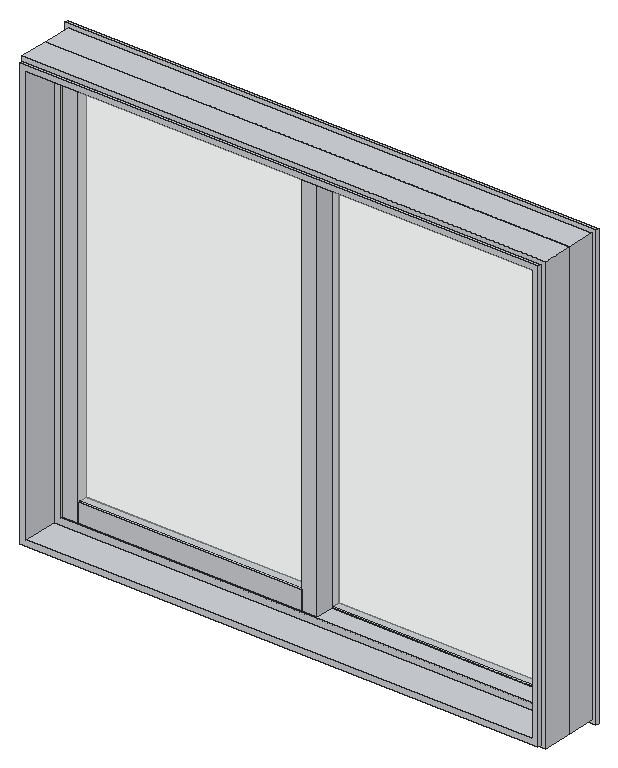
Revit family "APL Residential Thermal Heart Sliding Window SF", category Windows, host Wall, Revit 2017 (continued)
Definition of nested family "APL Residential Thermal Heart Sliding Window SF Vertical Section"
  Definition of nested family "Two Panel Head"
    Definition of nested family "65460_Door Top And Window Rail"
      Lines and regions (mm)
        detail lines, in view "Ref. Level"
          curve 218: arc (4.702, 26.696, 0) -> (4.676, 26.794, 0) -> (4.606, 26.867, 0) r 0.2
          curve 219: arc (2.725, 28.015, 0) -> (2.629, 28.186, 0) -> (2.725, 28.357, 0) r 0.2
          curve 220: arc (4.606, 29.505, 0) -> (4.676, 29.578, 0) -> (4.702, 29.676, 0) r 0.2
          curve 221: arc (4.702, 31.7, 0) -> (4.575, 31.918, 0) -> (4.322, 31.914, 0) r 0.25
          curve 222: arc (4.236, 31.861, 0) -> (4.13, 31.729, 0) -> (4.133, 31.559, 0) r 0.25
          curve 223: arc (2.879, 30.794, 0) -> (2.804, 30.761, 0) -> (2.723, 30.75, 0) r 0.3
          curve 224: arc (2.202, 30.75, 0) -> (2.044, 30.828, 0) -> (2.008, 31, 0) r 0.2
          curve 225: arc (2.202, 35.003, 0) -> (2.176, 35.125, 0) -> (2.102, 35.227, 0) r 0.3
          curve 226: arc (2.102, 35.227, 0) -> (2.022, 35.557, 0) -> (2.302, 35.75, 0) r 0.3
          curve 227: arc (4.523, 35.207, 0) -> (4.612, 35.155, 0) -> (4.664, 35.066, 0) r 0.2
          curve 228: arc (4.709, 34.898, 0) -> (4.85, 34.757, 0) -> (5.043, 34.809, 0) r 0.2
          curve 229: arc (5.407, 35.173, 0) -> (5.467, 35.258, 0) -> (5.494, 35.359, 0) r 0.3
          curve 230: arc (5.701, 37.724, 0) -> (5.585, 37.988, 0) -> (5.299, 38.032, 0) r 0.3
          curve 231: arc (3.889, 37.519, 0) -> (3.763, 37.431, 0) -> (3.697, 37.293, 0) r 0.3
          curve 232: arc (3.697, 37.293, 0) -> (3.424, 37.051, 0) -> (3.119, 37.25, 0) r 0.3
          curve 233: arc (2.3, 37.25, 0) -> (1.946, 37.397, 0) -> (1.8, 37.75, 0) r 0.5
          curve 234: arc (1.8, 41.053, 0) -> (1.86, 41.193, 0) -> (2, 41.25, 0) r 0.2
          curve 235: arc (3, 41.25, 0) -> (3.141, 41.309, 0) -> (3.2, 41.45, 0) r 0.2
          curve 236: arc (3.2, 42.55, 0) -> (3.141, 42.692, 0) -> (3, 42.75, 0) r 0.2
          curve 237: arc (2, 42.75, 0) -> (1.86, 42.808, 0) -> (1.8, 42.947, 0) r 0.2
          curve 238: arc (1.8, 56.053, 0) -> (1.86, 56.193, 0) -> (2, 56.25, 0) r 0.2
          curve 239: arc (3, 56.25, 0) -> (3.141, 56.309, 0) -> (3.2, 56.45, 0) r 0.2
          curve 240: arc (3.2, 57.55, 0) -> (3.141, 57.692, 0) -> (3, 57.75, 0) r 0.2
          curve 241: arc (2, 57.75, 0) -> (1.86, 57.808, 0) -> (1.8, 57.947, 0) r 0.2
          curve 242: arc (1.8, 71.8, 0) -> (1.741, 71.942, 0) -> (1.6, 72, 0) r 0.2
          curve 243: arc (0.5, 72, 0) -> (0.146, 71.854, 0) -> (0, 71.5, 0) r 0.5
          curve 244: arc (0, 0.2, 0) -> (0.059, 0.058, 0) -> (0.2, 0, 0) r 0.2
          curve 245: arc (3.002, 0, 0) -> (3.143, 0.058, 0) -> (3.202, 0.2, 0) r 0.2
          curve 246: arc (3.202, 1.63, 0) -> (3.143, 1.771, 0) -> (3.002, 1.83, 0) r 0.2
          curve 247: arc (2.402, 1.83, 0) -> (2.261, 1.771, 0) -> (2.202, 1.63, 0) r 0.2
          curve 248: arc (2.202, 1.28, 0) -> (2.143, 1.138, 0) -> (2.002, 1.08, 0) r 0.2
          curve 249: arc (1.402, 1.08, 0) -> (1.261, 1.138, 0) -> (1.202, 1.28, 0) r 0.2
          curve 250: arc (1.202, 4.38, 0) -> (1.261, 4.521, 0) -> (1.402, 4.58, 0) r 0.2
          curve 251: arc (2.002, 4.58, 0) -> (2.143, 4.521, 0) -> (2.202, 4.38, 0) r 0.2
          curve 252: arc (2.202, 4.03, 0) -> (2.261, 3.888, 0) -> (2.402, 3.83, 0) r 0.2
          curve 253: arc (3.002, 3.83, 0) -> (3.143, 3.888, 0) -> (3.202, 4.03, 0) r 0.2
          curve 254: line (3.002, 7.33, 0) -> (2.402, 7.33, 0)
          curve 255: line (2.202, 7.13, 0) -> (2.202, 6.53, 0)
          curve 256: line (2.002, 6.33, 0) -> (1.6, 6.33, 0)
          curve 257: line (1.4, 6.53, 0) -> (1.4, 14, 0)
          curve 258: line (1.4, 14, 0) -> (1.644, 18.06, 0)
          curve 259: line (2.642, 19, 0) -> (3.119, 19, 0)
          curve 260: line (3.889, 18.731, 0) -> (5.299, 18.218, 0)
          curve 261: line (5.701, 18.526, 0) -> (5.494, 20.891, 0)
          curve 262: line (5.407, 21.077, 0) -> (5.043, 21.441, 0)
          curve 263: line (4.709, 21.352, 0) -> (4.664, 21.184, 0)
          curve 264: line (4.523, 21.043, 0) -> (2.534, 20.51, 0)
          curve 265: line (2.202, 21.247, 0) -> (2.202, 24.474, 0)
          curve 266: line (2.196, 24.524, 0) -> (2.008, 25.25, 0)
          curve 267: line (2.202, 25.5, 0) -> (2.722, 25.5, 0)
          curve 268: line (2.879, 25.456, 0) -> (4.133, 24.691, 0)
          curve 269: line (4.702, 24.55, 0) -> (4.702, 26.696, 0)
          curve 270: line (4.606, 26.867, 0) -> (2.725, 28.015, 0)
          curve 271: line (2.725, 28.357, 0) -> (4.606, 29.505, 0)
          curve 272: line (4.702, 29.676, 0) -> (4.702, 31.7, 0)
          curve 273: line (4.133, 31.559, 0) -> (2.879, 30.794, 0)
          curve 274: line (2.723, 30.75, 0) -> (2.202, 30.75, 0)
          curve 275: line (2.008, 31, 0) -> (2.196, 31.726, 0)
          curve 276: line (2.202, 31.776, 0) -> (2.202, 35.003, 0)
          curve 277: line (2.534, 35.74, 0) -> (4.523, 35.207, 0)
          curve 278: line (4.664, 35.066, 0) -> (4.709, 34.898, 0)
          curve 279: line (5.043, 34.809, 0) -> (5.407, 35.173, 0)
          curve 280: line (5.494, 35.359, 0) -> (5.701, 37.724, 0)
          curve 281: line (5.299, 38.032, 0) -> (3.889, 37.519, 0)
          curve 282: line (3.119, 37.25, 0) -> (2.3, 37.25, 0)
          curve 283: line (1.8, 37.75, 0) -> (1.8, 41.053, 0)
          curve 284: line (2, 41.25, 0) -> (3, 41.25, 0)
          curve 285: line (3.2, 41.45, 0) -> (3.2, 42.55, 0)
          curve 286: line (3, 42.75, 0) -> (2, 42.75, 0)
          curve 287: line (1.8, 42.947, 0) -> (1.8, 56.053, 0)
          curve 288: line (2, 56.25, 0) -> (3, 56.25, 0)
          curve 289: line (3.2, 56.45, 0) -> (3.2, 57.55, 0)
          curve 290: line (3, 57.75, 0) -> (2, 57.75, 0)
          curve 291: line (1.8, 57.947, 0) -> (1.8, 71.8, 0)
          curve 292: line (1.6, 72, 0) -> (0.5, 72, 0)
          curve 293: line (0, 71.5, 0) -> (0, 0.2, 0)
          curve 294: line (0.2, 0, 0) -> (3.002, 0, 0)
          curve 295: line (3.202, 0.2, 0) -> (3.202, 1.63, 0)
          curve 296: line (3.002, 1.83, 0) -> (2.402, 1.83, 0)
          curve 297: line (2.202, 1.63, 0) -> (2.202, 1.28, 0)
          curve 298: line (2.002, 1.08, 0) -> (1.402, 1.08, 0)
          curve 299: line (1.202, 1.28, 0) -> (1.202, 4.38, 0)
          curve 300: line (1.402, 4.58, 0) -> (2.002, 4.58, 0)
          curve 301: line (2.202, 4.38, 0) -> (2.202, 4.03, 0)
          curve 302: line (2.402, 3.83, 0) -> (3.002, 3.83, 0)
          curve 303: line (3.202, 4.03, 0) -> (3.202, 7.13, 0)
          curve 304: arc (3.202, 7.13, 0) -> (3.143, 7.271, 0) -> (3.002, 7.33, 0) r 0.2
      Text (mm)
        text "65460" at (7.711, 85.3, 0), in view "Ref. Level"
    Definition of nested family "65400_Frame Head"
      Reference planes
        plane 1 "Center (Front/Back)": y = 0
        plane 2: z = 0
        plane 3 "Center (Left/Right)": x = 0
      Lines and regions (mm)
        detail lines, in view "Ref. Level"
          curve 1: arc (46.1, -24.2, 0) -> (45.602, -22.998, 0) -> (44.4, -22.5, 0) r 1.7
          curve 2: arc (29.9, -22.5, 0) -> (29.546, -22.354, 0) -> (29.4, -22, 0) r 0.5
          curve 3: arc (29.4, -8.901, 0) -> (29.546, -8.547, 0) -> (29.9, -8.4, 0) r 0.5
          curve 4: arc (36.605, -8.4, 0) -> (37.013, -8.479, 0) -> (37.363, -8.704, 0) r 1.1
          curve 5: arc (37.363, -8.704, 0) -> (38.199, -9.316, 0) -> (39.189, -9.621, 0) r 3.126
          curve 6: arc (62.286, -10.8, 0) -> (62.738, -11.119, 0) -> (63.285, -11.042, 0) r 0.75
          curve 7: arc (63.285, -11.042, 0) -> (64.2, -10.8, 0) -> (65.115, -11.042, 0) r 1.85
          curve 8: arc (65.115, -11.042, 0) -> (65.281, -11.112, 0) -> (65.459, -11.14, 0) r 0.75
          curve 9: arc (65.459, -11.14, 0) -> (65.663, -11.192, 0) -> (65.828, -11.324, 0) r 0.5
          curve 10: arc (65.828, -11.324, 0) -> (66.3, -12.65, 0) -> (65.828, -13.976, 0) r 2.1
          curve 11: arc (65.828, -13.976, 0) -> (65.663, -14.108, 0) -> (65.459, -14.16, 0) r 0.5
          curve 12: arc (65.459, -14.16, 0) -> (65.281, -14.188, 0) -> (65.115, -14.258, 0) r 0.75
          curve 13: arc (65.115, -14.258, 0) -> (63.721, -14.437, 0) -> (62.604, -13.585, 0) r 1.85
          curve 14: arc (62.604, -13.585, 0) -> (61.577, -13.317, 0) -> (61.309, -14.343, 0) r 0.75
          curve 15: arc (61.309, -14.343, 0) -> (62.349, -15.442, 0) -> (63.765, -15.972, 0) r 3.35
          curve 16: arc (63.765, -15.972, 0) -> (64.076, -16.138, 0) -> (64.2, -16.467, 0) r 0.5
          curve 17: arc (64.2, -25.517, 0) -> (64.489, -27.435, 0) -> (65.33, -29.182, 0) r 6.5
          curve 18: arc (65.33, -29.182, 0) -> (65.978, -30.526, 0) -> (66.2, -32, 0) r 5
          curve 19: arc (66.2, -41.1, 0) -> (66.054, -41.454, 0) -> (65.7, -41.6, 0) r 0.5
          curve 20: arc (47, -41.6, 0) -> (46.646, -41.454, 0) -> (46.5, -41.1, 0) r 0.5
          curve 21: arc (46.5, -36.5, 0) -> (46.396, -35.952, 0) -> (46.1, -35.48, 0) r 1.5
          curve 22: arc (24.183, -8.227, 0) -> (24.053, -8.162, 0) -> (24, -8.027, 0) r 0.2
          curve 23: arc (24.399, -5.679, 0) -> (24.668, -5.392, 0) -> (25.06, -5.387, 0) r 0.5
          curve 24: arc (25.06, -5.387, 0) -> (25.236, -5.3, 0) -> (25.42, -5.367, 0) r 0.25
          curve 25: arc (25.42, -5.367, 0) -> (25.563, -5.498, 0) -> (25.569, -5.691, 0) r 0.25
          curve 26: arc (26.823, -6.456, 0) -> (26.898, -6.489, 0) -> (26.979, -6.5, 0) r 0.3
          curve 27: arc (27.5, -6.5, 0) -> (27.658, -6.422, 0) -> (27.694, -6.25, 0) r 0.2
          curve 28: arc (27.5, -2.247, 0) -> (27.526, -2.125, 0) -> (27.6, -2.024, 0) r 0.3
          curve 29: arc (27.6, -2.024, 0) -> (27.664, -1.657, 0) -> (27.322, -1.51, 0) r 0.3
          curve 30: arc (25.179, -2.043, 0) -> (25.09, -2.095, 0) -> (25.038, -2.184, 0) r 0.2
          curve 31: arc (24.993, -2.352, 0) -> (24.852, -2.493, 0) -> (24.659, -2.441, 0) r 0.2
          curve 32: arc (24.295, -2.078, 0) -> (24.235, -1.992, 0) -> (24.208, -1.892, 0) r 0.3
          curve 33: arc (24.001, 0.474, 0) -> (24.117, 0.738, 0) -> (24.403, 0.782, 0) r 0.3
          curve 34: arc (25.813, 0.268, 0) -> (25.939, 0.181, 0) -> (26.005, 0.043, 0) r 0.3
          curve 35: arc (26.005, 0.043, 0) -> (26.278, -0.199, 0) -> (26.583, 0, 0) r 0.3
          curve 36: arc (28.9, 0, 0) -> (29.254, -0.146, 0) -> (29.4, -0.5, 0) r 0.5
          curve 37: arc (29.4, -6.1, 0) -> (29.546, -6.454, 0) -> (29.9, -6.6, 0) r 0.499
          curve 38: arc (37.767, -6.6, 0) -> (38.931, -6.835, 0) -> (39.913, -7.503, 0) r 2.996
          curve 39: arc (39.913, -7.503, 0) -> (40.232, -7.73, 0) -> (40.611, -7.831, 0) r 1.1
          curve 40: arc (68.1, -8.9, 0) -> (68.241, -8.841, 0) -> (68.3, -8.7, 0) r 0.2
          curve 41: arc (68.3, -0.5, 0) -> (68.446, -0.146, 0) -> (68.8, 0, 0) r 0.5
          curve 42: arc (71.117, 0, 0) -> (71.422, -0.199, 0) -> (71.695, 0.043, 0) r 0.3
          curve 43: arc (71.695, 0.043, 0) -> (71.761, 0.181, 0) -> (71.887, 0.268, 0) r 0.3
          curve 44: arc (73.297, 0.782, 0) -> (73.583, 0.738, 0) -> (73.699, 0.474, 0) r 0.3
          curve 45: arc (73.492, -1.892, 0) -> (73.465, -1.992, 0) -> (73.405, -2.078, 0) r 0.3
          curve 46: arc (73.041, -2.441, 0) -> (72.848, -2.493, 0) -> (72.707, -2.352, 0) r 0.2
          curve 47: arc (72.662, -2.184, 0) -> (72.61, -2.095, 0) -> (72.521, -2.043, 0) r 0.2
          curve 48: arc (70.378, -1.51, 0) -> (70.036, -1.657, 0) -> (70.1, -2.024, 0) r 0.3
          curve 49: arc (70.1, -2.024, 0) -> (70.174, -2.125, 0) -> (70.2, -2.247, 0) r 0.3
          curve 50: arc (70.006, -6.25, 0) -> (70.042, -6.422, 0) -> (70.2, -6.5, 0) r 0.2
          curve 51: arc (70.721, -6.5, 0) -> (70.802, -6.489, 0) -> (70.877, -6.456, 0) r 0.3
          curve 52: arc (72.131, -5.691, 0) -> (72.137, -5.498, 0) -> (72.28, -5.367, 0) r 0.25
          curve 53: arc (72.28, -5.367, 0) -> (72.55, -5.321, 0) -> (72.7, -5.55, 0) r 0.25
          curve 54: arc (72.7, -7.124, 0) -> (72.618, -7.522, 0) -> (72.385, -7.854, 0) r 1
          curve 55: arc (72.385, -7.854, 0) -> (72.322, -8, 0) -> (72.385, -8.146, 0) r 0.2
          curve 56: arc (72.385, -8.146, 0) -> (72.618, -8.477, 0) -> (72.7, -8.874, 0) r 1
          curve 57: arc (72.7, -10.449, 0) -> (72.573, -10.668, 0) -> (72.32, -10.663, 0) r 0.25
          curve 58: arc (72.234, -10.611, 0) -> (72.128, -10.479, 0) -> (72.131, -10.309, 0) r 0.25
          curve 59: arc (70.877, -9.544, 0) -> (70.802, -9.511, 0) -> (70.721, -9.5, 0) r 0.3
          curve 60: arc (70.2, -9.5, 0) -> (70.042, -9.578, 0) -> (70.006, -9.75, 0) r 0.2
          curve 61: arc (70.2, -13.753, 0) -> (70.174, -13.876, 0) -> (70.1, -13.976, 0) r 0.3
          curve 62: arc (70.1, -13.976, 0) -> (70.02, -14.307, 0) -> (70.3, -14.5, 0) r 0.3
          curve 63: arc (72.521, -13.957, 0) -> (72.61, -13.905, 0) -> (72.662, -13.816, 0) r 0.2
          curve 64: arc (72.707, -13.648, 0) -> (72.848, -13.507, 0) -> (73.041, -13.559, 0) r 0.2
          curve 65: arc (73.405, -13.922, 0) -> (73.465, -14.008, 0) -> (73.492, -14.108, 0) r 0.3
          curve 66: arc (73.699, -16.474, 0) -> (73.583, -16.738, 0) -> (73.297, -16.782, 0) r 0.3
          curve 67: arc (71.887, -16.268, 0) -> (71.761, -16.181, 0) -> (71.695, -16.043, 0) r 0.3
          curve 68: arc (71.695, -16.043, 0) -> (71.422, -15.801, 0) -> (71.117, -16, 0) r 0.3
          curve 69: arc (66.201, -16, 0) -> (65.847, -16.146, 0) -> (65.7, -16.5, 0) r 0.5
          curve 70: arc (65.7, -25.519, 0) -> (65.922, -26.994, 0) -> (66.57, -28.337, 0) r 5
          curve 71: arc (66.57, -28.337, 0) -> (67.411, -30.083, 0) -> (67.7, -32, 0) r 6.5
          curve 72: arc (67.7, -33.1, 0) -> (67.759, -33.241, 0) -> (67.9, -33.3, 0) r 0.2
          curve 73: arc (69.3, -33.3, 0) -> (69.441, -33.241, 0) -> (69.5, -33.1, 0) r 0.2
          curve 74: arc (69.5, -32.8, 0) -> (70, -32.299, 0) -> (70.5, -32.8, 0) r 0.5
          curve 75: arc (70.5, -35.351, 0) -> (69.999, -35.85, 0) -> (69.5, -35.35, 0) r 0.5
          curve 76: arc (69.5, -34.5, 0) -> (69.441, -34.359, 0) -> (69.3, -34.3, 0) r 0.2
          curve 77: arc (67.9, -34.3, 0) -> (67.759, -34.359, 0) -> (67.7, -34.5, 0) r 0.2
          curve 78: arc (67.7, -41.8, 0) -> (67.759, -41.941, 0) -> (67.9, -42, 0) r 0.2
          curve 79: arc (69.3, -42, 0) -> (69.441, -41.941, 0) -> (69.5, -41.8, 0) r 0.2
          curve 80: arc (69.5, -40.95, 0) -> (70, -40.449, 0) -> (70.5, -40.95, 0) r 0.5
          curve 81: arc (70.5, -42.499, 0) -> (70.354, -42.853, 0) -> (70, -43, 0) r 0.5
          curve 82: arc (42.7, -43, 0) -> (42.559, -42.941, 0) -> (42.5, -42.8, 0) r 0.2
          curve 83: arc (42.5, -41.25, 0) -> (43, -40.749, 0) -> (43.5, -41.25, 0) r 0.5
          curve 84: arc (43.5, -41.8, 0) -> (43.559, -41.941, 0) -> (43.7, -42, 0) r 0.2
          curve 85: arc (44.8, -42, 0) -> (44.941, -41.941, 0) -> (45, -41.8, 0) r 0.2
          curve 86: arc (45, -36.7, 0) -> (44.941, -36.559, 0) -> (44.8, -36.5, 0) r 0.2
          curve 87: arc (43.7, -36.5, 0) -> (43.559, -36.559, 0) -> (43.5, -36.7, 0) r 0.2
          curve 88: arc (43.5, -37.25, 0) -> (43, -37.749, 0) -> (42.5, -37.25, 0) r 0.5
          curve 89: arc (42.5, -36.5, 0) -> (42.793, -35.793, 0) -> (43.5, -35.5, 0) r 1
          curve 90: arc (44.395, -35.5, 0) -> (44.539, -35.443, 0) -> (44.6, -35.3, 0) r 0.202
          curve 91: arc (44.6, -24.2, 0) -> (44.538, -24.058, 0) -> (44.395, -24, 0) r 0.205
          curve 92: arc (26.583, -24, 0) -> (26.278, -23.801, 0) -> (26.005, -24.043, 0) r 0.3
          curve 93: arc (26.005, -24.043, 0) -> (25.939, -24.181, 0) -> (25.813, -24.268, 0) r 0.3
          curve 94: arc (24.403, -24.782, 0) -> (24.117, -24.738, 0) -> (24.001, -24.474, 0) r 0.3
          curve 95: arc (24.208, -22.108, 0) -> (24.235, -22.008, 0) -> (24.295, -21.922, 0) r 0.3
          curve 96: arc (24.659, -21.559, 0) -> (24.852, -21.507, 0) -> (24.993, -21.648, 0) r 0.2
          curve 97: arc (25.038, -21.816, 0) -> (25.09, -21.905, 0) -> (25.179, -21.957, 0) r 0.2
          curve 98: arc (27.322, -22.49, 0) -> (27.664, -22.343, 0) -> (27.6, -21.976, 0) r 0.3
          curve 99: arc (27.6, -21.976, 0) -> (27.526, -21.875, 0) -> (27.5, -21.753, 0) r 0.3
          curve 100: arc (27.694, -17.75, 0) -> (27.658, -17.578, 0) -> (27.5, -17.5, 0) r 0.2
          curve 101: arc (26.979, -17.5, 0) -> (26.898, -17.511, 0) -> (26.823, -17.544, 0) r 0.3
          curve 102: arc (25.569, -18.309, 0) -> (25.563, -18.502, 0) -> (25.42, -18.633, 0) r 0.25
          curve 103: arc (25.42, -18.633, 0) -> (25.15, -18.679, 0) -> (25, -18.45, 0) r 0.25
          curve 104: arc (25, -16.874, 0) -> (25.128, -16.385, 0) -> (25.479, -16.021, 0) r 1
          curve 105: line (46.1, -35.48, 0) -> (46.1, -24.2, 0)
          curve 106: line (44.4, -22.5, 0) -> (29.9, -22.5, 0)
          curve 107: line (29.4, -22, 0) -> (29.4, -8.901, 0)
          curve 108: line (29.9, -8.4, 0) -> (36.605, -8.4, 0)
          curve 109: line (39.189, -9.621, 0) -> (53.629, -10.8, 0)
          curve 110: line (53.629, -10.8, 0) -> (62.286, -10.8, 0)
          curve 111: line (64.2, -16.467, 0) -> (64.2, -25.517, 0)
          curve 112: line (66.2, -32, 0) -> (66.2, -41.1, 0)
          curve 113: line (65.7, -41.6, 0) -> (47, -41.6, 0)
          curve 114: line (46.5, -41.1, 0) -> (46.5, -36.5, 0)
          curve 115: line (27.317, -8.501, 0) -> (24.183, -8.227, 0)
          curve 116: line (24, -8.027, 0) -> (24, -6.776, 0)
          curve 117: line (24, -6.776, 0) -> (24.399, -5.679, 0)
          curve 118: line (25.569, -5.691, 0) -> (26.823, -6.456, 0)
          curve 119: line (26.979, -6.5, 0) -> (27.5, -6.5, 0)
          curve 120: line (27.694, -6.25, 0) -> (27.5, -5.5, 0)
          curve 121: line (27.5, -5.475, 0) -> (27.5, -2.247, 0)
          curve 122: line (27.312, -1.472, 0) -> (25.179, -2.043, 0)
          curve 123: line (25.038, -2.184, 0) -> (24.993, -2.352, 0)
          curve 124: line (24.659, -2.441, 0) -> (24.295, -2.078, 0)
          curve 125: line (24.208, -1.892, 0) -> (24.001, 0.474, 0)
          curve 126: line (24.403, 0.782, 0) -> (25.813, 0.268, 0)
          curve 127: line (26.583, 0, 0) -> (28.9, 0, 0)
          curve 128: line (29.4, -0.5, 0) -> (29.4, -6.1, 0)
          curve 129: line (29.9, -6.6, 0) -> (33.5, -6.6, 0)
          curve 130: line (33.5, -6.6, 0) -> (33.9, -7, 0)
          curve 131: line (33.9, -7, 0) -> (34.3, -6.6, 0)
          curve 132: line (34.3, -6.6, 0) -> (37.767, -6.6, 0)
          curve 133: line (40.611, -7.831, 0) -> (53.707, -8.9, 0)
          curve 134: line (53.707, -8.9, 0) -> (58.307, -8.9, 0)
          curve 135: line (58.307, -8.9, 0) -> (58.707, -9.3, 0)
          curve 136: line (58.707, -9.3, 0) -> (59.107, -8.9, 0)
          curve 137: line (59.107, -8.9, 0) -> (68.1, -8.9, 0)
          curve 138: line (68.3, -8.7, 0) -> (68.3, -0.5, 0)
          curve 139: line (68.8, 0, 0) -> (71.117, 0, 0)
          curve 140: line (71.887, 0.268, 0) -> (73.297, 0.782, 0)
          curve 141: line (73.699, 0.474, 0) -> (73.492, -1.892, 0)
          curve 142: line (73.405, -2.078, 0) -> (73.041, -2.441, 0)
          curve 143: line (72.707, -2.352, 0) -> (72.662, -2.184, 0)
          curve 144: line (72.521, -2.043, 0) -> (70.388, -1.472, 0)
          curve 145: line (70.2, -2.247, 0) -> (70.2, -5.475, 0)
          curve 146: line (70.2, -5.5, 0) -> (70.006, -6.25, 0)
          curve 147: line (70.2, -6.5, 0) -> (70.721, -6.5, 0)
          curve 148: line (70.877, -6.456, 0) -> (72.131, -5.691, 0)
          curve 149: line (72.7, -5.55, 0) -> (72.7, -7.124, 0)
          curve 150: line (72.7, -8.874, 0) -> (72.7, -10.449, 0)
          curve 151: line (72.131, -10.309, 0) -> (70.877, -9.544, 0)
          curve 152: line (70.721, -9.5, 0) -> (70.2, -9.5, 0)
          curve 153: line (70.006, -9.75, 0) -> (70.2, -10.5, 0)
          curve 154: line (70.2, -10.525, 0) -> (70.2, -13.753, 0)
          curve 155: line (70.532, -14.49, 0) -> (72.521, -13.957, 0)
          curve 156: line (72.662, -13.816, 0) -> (72.707, -13.648, 0)
          curve 157: line (73.041, -13.559, 0) -> (73.405, -13.922, 0)
          curve 158: line (73.492, -14.108, 0) -> (73.699, -16.474, 0)
          curve 159: line (73.297, -16.782, 0) -> (71.887, -16.268, 0)
          curve 160: line (71.117, -16, 0) -> (66.201, -16, 0)
          curve 161: line (65.7, -16.5, 0) -> (65.7, -25.519, 0)
          curve 162: line (67.7, -32, 0) -> (67.7, -33.1, 0)
          curve 163: line (67.9, -33.3, 0) -> (69.3, -33.3, 0)
          curve 164: line (69.5, -33.1, 0) -> (69.5, -32.8, 0)
          curve 165: line (70.5, -32.8, 0) -> (70.5, -35.351, 0)
          curve 166: line (69.5, -35.35, 0) -> (69.5, -34.5, 0)
          curve 167: line (69.3, -34.3, 0) -> (67.9, -34.3, 0)
          curve 168: line (67.7, -34.5, 0) -> (67.7, -41.8, 0)
          curve 169: line (67.9, -42, 0) -> (69.3, -42, 0)
          curve 170: line (69.5, -41.8, 0) -> (69.5, -40.95, 0)
          curve 171: line (70.5, -40.95, 0) -> (70.5, -42.499, 0)
          curve 172: line (70, -43, 0) -> (42.7, -43, 0)
          curve 173: line (42.5, -42.8, 0) -> (42.5, -41.25, 0)
          curve 174: line (43.5, -41.25, 0) -> (43.5, -41.8, 0)
          curve 175: line (43.7, -42, 0) -> (44.8, -42, 0)
          curve 176: line (45, -41.8, 0) -> (45, -36.7, 0)
          curve 177: line (44.8, -36.5, 0) -> (43.7, -36.5, 0)
          curve 178: line (43.5, -36.7, 0) -> (43.5, -37.25, 0)
          curve 179: line (42.5, -37.25, 0) -> (42.5, -36.5, 0)
          curve 180: line (43.5, -35.5, 0) -> (44.395, -35.5, 0)
          curve 181: line (44.6, -35.3, 0) -> (44.6, -24.2, 0)
          curve 182: line (44.395, -24, 0) -> (34.3, -24, 0)
          curve 183: line (34.3, -24, 0) -> (33.9, -23.6, 0)
          curve 184: line (33.9, -23.6, 0) -> (33.5, -24, 0)
          curve 185: line (33.5, -24, 0) -> (26.583, -24, 0)
          curve 186: line (25.813, -24.268, 0) -> (24.403, -24.782, 0)
          curve 187: line (24.001, -24.474, 0) -> (24.208, -22.108, 0)
          curve 188: line (24.295, -21.922, 0) -> (24.659, -21.559, 0)
          curve 189: line (24.993, -21.648, 0) -> (25.038, -21.816, 0)
          curve 190: line (25.179, -21.957, 0) -> (27.312, -22.528, 0)
          curve 191: line (27.5, -21.753, 0) -> (27.5, -18.525, 0)
          curve 192: line (27.5, -18.5, 0) -> (27.694, -17.75, 0)
          curve 193: line (27.5, -17.5, 0) -> (26.979, -17.5, 0)
          curve 194: line (26.823, -17.544, 0) -> (25.569, -18.309, 0)
          curve 195: line (25, -18.45, 0) -> (25, -16.874, 0)
          curve 196: line (25.479, -16.021, 0) -> (26.284, -15.529, 0)
          curve 197: line (26.389, -15.5, 0) -> (27.5, -15.5, 0)
          curve 198: line (27.5, -15.5, 0) -> (27.5, -8.7, 0)
          curve 199: arc (27.5, -8.7, 0) -> (27.447, -8.565, 0) -> (27.317, -8.501, 0) r 0.2
          curve 200: arc (70.2, -10.4, 0) -> (70.317, -10.117, 0) -> (70.6, -10, 0) r 0.4
          curve 201: arc (70.893, -10, 0) -> (70.996, -10.014, 0) -> (71.093, -10.054, 0) r 0.4
          curve 202: arc (72.621, -10.939, 0) -> (72.911, -11.059, 0) -> (73.222, -11.1, 0) r 1.2
          curve 203: arc (74.145, -11.1, 0) -> (74.718, -11.281, 0) -> (75.084, -11.758, 0) r 1
          curve 204: arc (75.877, -13.937, 0) -> (76.024, -14.128, 0) -> (76.253, -14.2, 0) r 0.4
          curve 205: arc (78.947, -14.2, 0) -> (79.176, -14.128, 0) -> (79.323, -13.937, 0) r 0.4
          curve 206: arc (80.116, -11.758, 0) -> (80.482, -11.281, 0) -> (81.055, -11.1, 0) r 1
          curve 207: arc (81.978, -11.1, 0) -> (82.289, -11.059, 0) -> (82.579, -10.939, 0) r 1.2
          curve 208: arc (84.107, -10.054, 0) -> (84.204, -10.014, 0) -> (84.307, -10, 0) r 0.4
          curve 209: arc (84.6, -10, 0) -> (84.883, -10.117, 0) -> (85, -10.4, 0) r 0.4
          curve 210: arc (85, -13.8, 0) -> (84.883, -14.083, 0) -> (84.6, -14.2, 0) r 0.4
          curve 211: arc (84.307, -14.2, 0) -> (84.204, -14.186, 0) -> (84.107, -14.146, 0) r 0.4
          curve 212: arc (82.579, -13.262, 0) -> (82.285, -13.14, 0) -> (81.97, -13.1, 0) r 1.2
          curve 213: arc (81.97, -13.1, 0) -> (81.795, -13.153, 0) -> (81.684, -13.297, 0) r 0.3
          curve 214: arc (80.796, -15.737, 0) -> (80.649, -15.928, 0) -> (80.42, -16, 0) r 0.4
          curve 215: arc (74.78, -16, 0) -> (74.551, -15.928, 0) -> (74.404, -15.737, 0) r 0.4
          curve 216: arc (73.516, -13.297, 0) -> (73.405, -13.153, 0) -> (73.23, -13.1, 0) r 0.3
          curve 217: arc (73.23, -13.1, 0) -> (72.915, -13.14, 0) -> (72.621, -13.262, 0) r 1.2
          curve 218: arc (71.093, -14.146, 0) -> (70.996, -14.186, 0) -> (70.893, -14.2, 0) r 0.4
          curve 219: arc (70.6, -14.2, 0) -> (70.317, -14.083, 0) -> (70.2, -13.8, 0) r 0.4
          curve 220: line (70.6, -10, 0) -> (70.893, -10, 0)
          curve 221: line (71.093, -10.054, 0) -> (72.621, -10.939, 0)
          curve 222: line (73.222, -11.1, 0) -> (74.145, -11.1, 0)
          curve 223: line (75.084, -11.758, 0) -> (75.877, -13.937, 0)
          curve 224: line (76.253, -14.2, 0) -> (78.947, -14.2, 0)
          curve 225: line (79.323, -13.937, 0) -> (80.116, -11.758, 0)
          curve 226: line (81.055, -11.1, 0) -> (81.978, -11.1, 0)
          curve 227: line (82.579, -10.939, 0) -> (84.107, -10.054, 0)
          curve 228: line (84.307, -10, 0) -> (84.6, -10, 0)
          curve 229: line (85, -10.4, 0) -> (85, -13.8, 0)
          curve 230: line (84.6, -14.2, 0) -> (84.307, -14.2, 0)
          curve 231: line (84.107, -14.146, 0) -> (82.579, -13.262, 0)
          curve 232: line (81.684, -13.297, 0) -> (80.796, -15.737, 0)
          curve 233: line (80.42, -16, 0) -> (74.78, -16, 0)
          curve 234: line (74.404, -15.737, 0) -> (73.516, -13.297, 0)
          curve 235: line (72.621, -13.262, 0) -> (71.093, -14.146, 0)
          curve 236: line (70.893, -14.2, 0) -> (70.6, -14.2, 0)
          curve 237: line (70.2, -13.8, 0) -> (70.2, -10.4, 0)
          curve 238: arc (70.2, -5.6, 0) -> (70.317, -5.883, 0) -> (70.6, -6, 0) r 0.4
          curve 239: arc (70.893, -6, 0) -> (70.996, -5.986, 0) -> (71.093, -5.946, 0) r 0.4
          curve 240: arc (72.621, -5.061, 0) -> (72.911, -4.941, 0) -> (73.222, -4.9, 0) r 1.2
          curve 241: arc (74.145, -4.9, 0) -> (74.718, -4.719, 0) -> (75.084, -4.242, 0) r 1
          curve 242: arc (75.877, -2.063, 0) -> (76.024, -1.872, 0) -> (76.253, -1.8, 0) r 0.4
          curve 243: arc (78.947, -1.8, 0) -> (79.176, -1.872, 0) -> (79.323, -2.063, 0) r 0.4
          curve 244: arc (80.116, -4.242, 0) -> (80.482, -4.719, 0) -> (81.055, -4.9, 0) r 1
          curve 245: arc (81.978, -4.9, 0) -> (82.289, -4.941, 0) -> (82.579, -5.061, 0) r 1.2
          curve 246: arc (84.107, -5.946, 0) -> (84.204, -5.986, 0) -> (84.307, -6, 0) r 0.4
          curve 247: arc (84.6, -6, 0) -> (84.883, -5.883, 0) -> (85, -5.6, 0) r 0.4
          curve 248: arc (85, -2.2, 0) -> (84.883, -1.917, 0) -> (84.6, -1.8, 0) r 0.4
          curve 249: arc (84.307, -1.8, 0) -> (84.204, -1.814, 0) -> (84.107, -1.854, 0) r 0.4
          curve 250: arc (82.579, -2.739, 0) -> (82.285, -2.86, 0) -> (81.97, -2.9, 0) r 1.2
          curve 251: arc (81.97, -2.9, 0) -> (81.795, -2.847, 0) -> (81.684, -2.703, 0) r 0.3
          curve 252: arc (80.796, -0.263, 0) -> (80.649, -0.072, 0) -> (80.42, 0, 0) r 0.4
          curve 253: arc (74.78, 0, 0) -> (74.551, -0.072, 0) -> (74.404, -0.263, 0) r 0.4
          curve 254: arc (73.516, -2.703, 0) -> (73.405, -2.847, 0) -> (73.23, -2.9, 0) r 0.3
          curve 255: arc (73.23, -2.9, 0) -> (72.915, -2.86, 0) -> (72.621, -2.739, 0) r 1.2
          curve 256: arc (71.093, -1.854, 0) -> (70.996, -1.814, 0) -> (70.893, -1.8, 0) r 0.4
          curve 257: arc (70.6, -1.8, 0) -> (70.317, -1.917, 0) -> (70.2, -2.2, 0) r 0.4
          curve 258: line (70.6, -6, 0) -> (70.893, -6, 0)
          curve 259: line (71.093, -5.946, 0) -> (72.621, -5.061, 0)
          curve 260: line (73.222, -4.9, 0) -> (74.145, -4.9, 0)
          curve 261: line (75.084, -4.242, 0) -> (75.877, -2.063, 0)
          curve 262: line (76.253, -1.8, 0) -> (78.947, -1.8, 0)
          curve 263: line (79.323, -2.063, 0) -> (80.116, -4.242, 0)
          curve 264: line (81.055, -4.9, 0) -> (81.978, -4.9, 0)
          curve 265: line (82.579, -5.061, 0) -> (84.107, -5.946, 0)
          curve 266: line (84.307, -6, 0) -> (84.6, -6, 0)
          curve 267: line (85, -5.6, 0) -> (85, -2.2, 0)
          curve 268: line (84.6, -1.8, 0) -> (84.307, -1.8, 0)
          curve 269: line (84.107, -1.854, 0) -> (82.579, -2.739, 0)
          curve 270: line (81.684, -2.703, 0) -> (80.796, -0.263, 0)
          curve 271: line (80.42, 0, 0) -> (74.78, 0, 0)
          curve 272: line (74.404, -0.263, 0) -> (73.516, -2.703, 0)
          curve 273: line (72.621, -2.739, 0) -> (71.093, -1.854, 0)
          curve 274: line (70.893, -1.8, 0) -> (70.6, -1.8, 0)
          curve 275: line (70.2, -2.2, 0) -> (70.2, -5.6, 0)
          curve 276: arc (113.4, -35.877, 0) -> (113.327, -35.95, 0) -> (113.3, -36.05, 0) r 0.2
          curve 277: arc (113.3, -40.25, 0) -> (113.327, -40.35, 0) -> (113.4, -40.423, 0) r 0.2
          curve 278: arc (113.4, -40.423, 0) -> (113.473, -40.496, 0) -> (113.5, -40.596, 0) r 0.2
          curve 279: arc (113.5, -41.8, 0) -> (113.441, -41.941, 0) -> (113.3, -42, 0) r 0.2
          curve 280: arc (111.701, -42, 0) -> (111.559, -41.942, 0) -> (111.5, -41.8, 0) r 0.2
          curve 281: arc (111.5, -40.95, 0) -> (111, -40.451, 0) -> (110.5, -40.95, 0) r 0.5
          curve 282: arc (110.5, -42.5, 0) -> (110.646, -42.854, 0) -> (111, -43, 0) r 0.499
          curve 283: arc (114.5, -43, 0) -> (114.847, -42.847, 0) -> (115, -42.5, 0) r 0.523
          curve 284: arc (115, -21.5, 0) -> (114.856, -21.144, 0) -> (114.5, -21, 0) r 0.493
          curve 285: arc (111.7, -21, 0) -> (111.558, -20.942, 0) -> (111.5, -20.8, 0) r 0.199
          curve 286: arc (111.5, -13.199, 0) -> (110.852, -11.559, 0) -> (109.258, -10.805, 0) r 2.399
          curve 287: arc (109.258, -10.805, 0) -> (108.878, -10.588, 0) -> (108.814, -10.156, 0) r 0.5
          curve 288: arc (108.814, -10.156, 0) -> (109, -8.953, 0) -> (108.816, -7.75, 0) r 4
          curve 289: arc (108.816, -7.75, 0) -> (108.89, -7.304, 0) -> (109.293, -7.1, 0) r 0.5
          curve 290: arc (109.5, -7.1, 0) -> (110.914, -6.514, 0) -> (111.5, -5.1, 0) r 2.001
          curve 291: arc (120.75, -1.5, 0) -> (121.501, -0.747, 0) -> (120.745, 0, 0) r 0.75
          curve 292: arc (111.5, 0, 0) -> (110.439, -0.439, 0) -> (110, -1.5, 0) r 1.5
          curve 293: arc (110, -5, 0) -> (109.941, -5.141, 0) -> (109.8, -5.2, 0) r 0.2
          curve 294: arc (100.5, -5.2, 0) -> (100.146, -5.346, 0) -> (100, -5.7, 0) r 0.5
          curve 295: arc (100, -6.2, 0) -> (100.146, -6.554, 0) -> (100.5, -6.7, 0) r 0.5
          curve 296: arc (101.927, -6.7, 0) -> (102.266, -6.833, 0) -> (102.426, -7.16, 0) r 0.5
          curve 297: arc (102.426, -7.16, 0) -> (102.912, -7.803, 0) -> (103.7, -7.634, 0) r 0.75
          curve 298: arc (103.7, -7.634, 0) -> (105, -7.1, 0) -> (106.3, -7.634, 0) r 1.85
          curve 299: arc (106.3, -7.634, 0) -> (106.442, -7.744, 0) -> (106.607, -7.817, 0) r 0.75
          curve 300: arc (106.607, -7.817, 0) -> (106.791, -7.92, 0) -> (106.916, -8.09, 0) r 0.5
          curve 301: arc (106.916, -8.09, 0) -> (107.1, -8.95, 0) -> (106.916, -9.81, 0) r 2.1
          curve 302: arc (106.916, -9.81, 0) -> (106.791, -9.98, 0) -> (106.607, -10.083, 0) r 0.5
          curve 303: arc (106.607, -10.083, 0) -> (106.442, -10.156, 0) -> (106.3, -10.266, 0) r 0.75
          curve 304: arc (106.3, -10.266, 0) -> (105, -10.8, 0) -> (103.7, -10.266, 0) r 1.85
          curve 305: arc (103.7, -10.266, 0) -> (103.027, -10.064, 0) -> (102.482, -10.509, 0) r 0.75
          curve 306: arc (102.482, -10.509, 0) -> (102.32, -10.716, 0) -> (102.075, -10.812, 0) r 0.5
          curve 307: arc (102.075, -10.812, 0) -> (101.154, -11.14, 0) -> (100.481, -11.85, 0) r 2.1
          curve 308: arc (100.481, -11.85, 0) -> (100.298, -12.033, 0) -> (100.048, -12.1, 0) r 0.5
          curve 309: arc (91.556, -12.1, 0) -> (91.287, -12.022, 0) -> (91.103, -11.812, 0) r 0.5
          curve 310: arc (91.103, -11.812, 0) -> (90.328, -10.929, 0) -> (89.2, -10.6, 0) r 2.1
          curve 311: arc (87.9, -10.6, 0) -> (87.193, -10.307, 0) -> (86.9, -9.6, 0) r 1
          curve 312: arc (86.9, -0.5, 0) -> (86.754, -0.146, 0) -> (86.4, 0, 0) r 0.5
          curve 313: arc (84.083, 0, 0) -> (83.778, -0.199, 0) -> (83.505, 0.043, 0) r 0.3
          curve 314: arc (83.505, 0.043, 0) -> (83.439, 0.181, 0) -> (83.313, 0.268, 0) r 0.3
          curve 315: arc (81.903, 0.782, 0) -> (81.617, 0.738, 0) -> (81.501, 0.474, 0) r 0.3
          curve 316: arc (81.708, -1.892, 0) -> (81.735, -1.992, 0) -> (81.795, -2.078, 0) r 0.3
          curve 317: arc (82.159, -2.441, 0) -> (82.352, -2.493, 0) -> (82.493, -2.352, 0) r 0.2
          curve 318: arc (82.538, -2.184, 0) -> (82.59, -2.095, 0) -> (82.679, -2.043, 0) r 0.2
          curve 319: arc (84.822, -1.51, 0) -> (85.164, -1.657, 0) -> (85.1, -2.024, 0) r 0.3
          curve 320: arc (85.1, -2.024, 0) -> (85.026, -2.125, 0) -> (85, -2.247, 0) r 0.3
          curve 321: arc (85.194, -6.25, 0) -> (85.158, -6.422, 0) -> (85, -6.5, 0) r 0.2
          curve 322: arc (84.479, -6.5, 0) -> (84.398, -6.489, 0) -> (84.323, -6.456, 0) r 0.3
          curve 323: arc (83.069, -5.691, 0) -> (83.063, -5.498, 0) -> (82.92, -5.367, 0) r 0.25
          curve 324: arc (82.92, -5.367, 0) -> (82.65, -5.321, 0) -> (82.5, -5.55, 0) r 0.25
          curve 325: arc (82.5, -7.126, 0) -> (82.582, -7.523, 0) -> (82.815, -7.854, 0) r 1
          curve 326: arc (82.815, -7.854, 0) -> (82.878, -8, 0) -> (82.815, -8.146, 0) r 0.2
          curve 327: arc (82.815, -8.146, 0) -> (82.582, -8.477, 0) -> (82.5, -8.874, 0) r 1
          curve 328: arc (82.5, -10.45, 0) -> (82.628, -10.668, 0) -> (82.88, -10.663, 0) r 0.25
          curve 329: arc (82.966, -10.611, 0) -> (83.072, -10.479, 0) -> (83.069, -10.309, 0) r 0.25
          curve 330: arc (84.323, -9.544, 0) -> (84.398, -9.511, 0) -> (84.479, -9.5, 0) r 0.3
          curve 331: arc (85, -9.5, 0) -> (85.158, -9.577, 0) -> (85.194, -9.75, 0) r 0.2
          curve 332: arc (85, -13.753, 0) -> (85.026, -13.875, 0) -> (85.1, -13.976, 0) r 0.3
          curve 333: arc (85.1, -13.976, 0) -> (85.164, -14.343, 0) -> (84.822, -14.49, 0) r 0.3
          curve 334: arc (82.679, -13.957, 0) -> (82.59, -13.905, 0) -> (82.538, -13.816, 0) r 0.2
          curve 335: arc (82.493, -13.648, 0) -> (82.352, -13.507, 0) -> (82.159, -13.559, 0) r 0.2
          curve 336: arc (81.795, -13.922, 0) -> (81.735, -14.008, 0) -> (81.708, -14.108, 0) r 0.3
          curve 337: arc (81.501, -16.474, 0) -> (81.617, -16.738, 0) -> (81.903, -16.782, 0) r 0.3
          curve 338: arc (83.313, -16.268, 0) -> (83.439, -16.181, 0) -> (83.505, -16.043, 0) r 0.3
          curve 339: arc (83.505, -16.043, 0) -> (83.778, -15.801, 0) -> (84.083, -16, 0) r 0.3
          curve 340: arc (86.7, -16, 0) -> (86.841, -15.941, 0) -> (86.9, -15.8, 0) r 0.2
          curve 341: arc (86.9, -12.7, 0) -> (86.959, -12.559, 0) -> (87.1, -12.5, 0) r 0.2
          curve 342: arc (89.2, -12.5, 0) -> (89.341, -12.559, 0) -> (89.4, -12.7, 0) r 0.2
          curve 343: arc (89.4, -13.8, 0) -> (89.459, -13.941, 0) -> (89.6, -14, 0) r 0.2
          curve 344: arc (101.9, -14, 0) -> (102.042, -13.941, 0) -> (102.1, -13.8, 0) r 0.2
          curve 345: arc (102.1, -12.9, 0) -> (102.159, -12.759, 0) -> (102.3, -12.7, 0) r 0.2
          curve 346: arc (109.1, -12.7, 0) -> (109.454, -12.846, 0) -> (109.6, -13.2, 0) r 0.5
          curve 347: arc (109.6, -14.5, 0) -> (109.541, -14.641, 0) -> (109.4, -14.7, 0) r 0.2
          curve 348: arc (107.3, -14.7, 0) -> (107.159, -14.759, 0) -> (107.1, -14.9, 0) r 0.2
          curve 349: arc (107.1, -15.8, 0) -> (107.159, -15.941, 0) -> (107.3, -16, 0) r 0.2
          curve 350: arc (109.5, -16, 0) -> (109.854, -16.146, 0) -> (110, -16.5, 0) r 0.5
          curve 351: arc (110, -22.8, 0) -> (110.146, -23.154, 0) -> (110.5, -23.3, 0) r 0.5
          curve 352: arc (111.3, -23.3, 0) -> (111.441, -23.241, 0) -> (111.5, -23.1, 0) r 0.2
          curve 353: arc (113.3, -22.3, 0) -> (113.441, -22.359, 0) -> (113.5, -22.5, 0) r 0.2
          curve 354: arc (113.5, -27.4, 0) -> (113.1, -27.8, 0) -> (113.5, -28.2, 0) r 0.4
          curve 355: arc (113.5, -33.1, 0) -> (113.441, -33.241, 0) -> (113.3, -33.3, 0) r 0.2
          curve 356: arc (111.5, -32.7, 0) -> (111.383, -32.417, 0) -> (111.1, -32.3, 0) r 0.4
          curve 357: arc (111, -32.3, 0) -> (110.646, -32.447, 0) -> (110.5, -32.8, 0) r 0.5
          curve 358: arc (110.5, -35.35, 0) -> (111, -35.85, 0) -> (111.5, -35.35, 0) r 0.5
          curve 359: arc (111.5, -34.5, 0) -> (111.559, -34.359, 0) -> (111.7, -34.3, 0) r 0.2
          curve 360: arc (113.3, -34.3, 0) -> (113.441, -34.359, 0) -> (113.5, -34.5, 0) r 0.2
          curve 361: line (113.3, -36.05, 0) -> (113.3, -40.25, 0)
          curve 362: line (113.5, -40.596, 0) -> (113.5, -41.8, 0)
          curve 363: line (113.3, -42, 0) -> (111.701, -42, 0)
          curve 364: line (111.5, -41.8, 0) -> (111.5, -40.95, 0)
          curve 365: line (110.5, -40.95, 0) -> (110.5, -42.5, 0)
          curve 366: line (111, -43, 0) -> (114.5, -43, 0)
          curve 367: line (115, -42.5, 0) -> (115, -21.5, 0)
          curve 368: line (114.5, -21, 0) -> (111.7, -21, 0)
          curve 369: line (111.5, -20.8, 0) -> (111.5, -13.199, 0)
          curve 370: line (109.293, -7.1, 0) -> (109.5, -7.1, 0)
          curve 371: line (111.5, -5.1, 0) -> (111.5, -1.5, 0)
          curve 372: line (111.5, -1.5, 0) -> (120.75, -1.5, 0)
          curve 373: line (120.745, 0, 0) -> (119, 0, 0)
          curve 374: line (119, 0, 0) -> (118.6, -0.4, 0)
          curve 375: line (118.6, -0.4, 0) -> (112.3, -0.4, 0)
          curve 376: line (112.3, -0.4, 0) -> (111.9, 0, 0)
          curve 377: line (111.9, 0, 0) -> (111.5, 0, 0)
          curve 378: line (110, -1.5, 0) -> (110, -5, 0)
          curve 379: line (109.8, -5.2, 0) -> (100.5, -5.2, 0)
          curve 380: line (100, -5.7, 0) -> (100, -6.2, 0)
          curve 381: line (100.5, -6.7, 0) -> (101.927, -6.7, 0)
          curve 382: line (100.048, -12.1, 0) -> (91.556, -12.1, 0)
          curve 383: line (89.2, -10.6, 0) -> (87.9, -10.6, 0)
          curve 384: line (86.9, -9.6, 0) -> (86.9, -0.5, 0)
          curve 385: line (86.4, 0, 0) -> (84.083, 0, 0)
          curve 386: line (83.313, 0.268, 0) -> (81.903, 0.782, 0)
          curve 387: line (81.501, 0.474, 0) -> (81.708, -1.892, 0)
          curve 388: line (81.795, -2.078, 0) -> (82.159, -2.441, 0)
          curve 389: line (82.493, -2.352, 0) -> (82.538, -2.184, 0)
          curve 390: line (82.679, -2.043, 0) -> (84.812, -1.472, 0)
          curve 391: line (85, -2.247, 0) -> (85, -5.475, 0)
          curve 392: line (85, -5.5, 0) -> (85.194, -6.25, 0)
          curve 393: line (85, -6.5, 0) -> (84.479, -6.5, 0)
          curve 394: line (84.323, -6.456, 0) -> (83.069, -5.691, 0)
          curve 395: line (82.5, -5.55, 0) -> (82.5, -7.126, 0)
          curve 396: line (82.5, -8.874, 0) -> (82.5, -10.45, 0)
          curve 397: line (83.069, -10.309, 0) -> (84.323, -9.544, 0)
          curve 398: line (84.479, -9.5, 0) -> (85, -9.5, 0)
          curve 399: line (85.194, -9.75, 0) -> (85, -10.5, 0)
          curve 400: line (85, -10.525, 0) -> (85, -13.752, 0)
          curve 401: line (84.812, -14.528, 0) -> (82.679, -13.957, 0)
          curve 402: line (82.538, -13.816, 0) -> (82.493, -13.648, 0)
          curve 403: line (82.159, -13.559, 0) -> (81.795, -13.922, 0)
          curve 404: line (81.708, -14.108, 0) -> (81.501, -16.474, 0)
          curve 405: line (81.903, -16.782, 0) -> (83.313, -16.268, 0)
          curve 406: line (84.083, -16, 0) -> (86.7, -16, 0)
          curve 407: line (86.9, -15.8, 0) -> (86.9, -12.7, 0)
          curve 408: line (87.1, -12.5, 0) -> (89.2, -12.5, 0)
          curve 409: line (89.4, -12.7, 0) -> (89.4, -13.8, 0)
          curve 410: line (89.6, -14, 0) -> (95.4, -14, 0)
          curve 411: line (95.4, -14, 0) -> (95.8, -13.6, 0)
          curve 412: line (95.8, -13.6, 0) -> (96.2, -14, 0)
          curve 413: line (96.2, -14, 0) -> (101.9, -14, 0)
          curve 414: line (102.1, -13.8, 0) -> (102.1, -12.9, 0)
          curve 415: line (102.3, -12.7, 0) -> (109.1, -12.7, 0)
          curve 416: line (109.6, -13.2, 0) -> (109.6, -14.5, 0)
          curve 417: line (109.4, -14.7, 0) -> (107.3, -14.7, 0)
          curve 418: line (107.1, -14.9, 0) -> (107.1, -15.8, 0)
          curve 419: line (107.3, -16, 0) -> (109.5, -16, 0)
          curve 420: line (110, -16.5, 0) -> (110, -22.8, 0)
          curve 421: line (110.5, -23.3, 0) -> (111.3, -23.3, 0)
          curve 422: line (111.5, -23.1, 0) -> (111.5, -22.3, 0)
          curve 423: line (111.5, -22.3, 0) -> (113.3, -22.3, 0)
          curve 424: line (113.5, -22.5, 0) -> (113.5, -27.4, 0)
          curve 425: line (113.5, -28.2, 0) -> (113.5, -33.1, 0)
          curve 426: line (113.3, -33.3, 0) -> (111.5, -33.3, 0)
          curve 427: line (111.5, -33.3, 0) -> (111.5, -32.7, 0)
          curve 428: line (110.5, -32.8, 0) -> (110.5, -35.35, 0)
          curve 429: line (111.5, -35.35, 0) -> (111.5, -34.5, 0)
          curve 430: line (111.7, -34.3, 0) -> (113.3, -34.3, 0)
          curve 431: line (113.5, -34.5, 0) -> (113.5, -35.704, 0)
          curve 432: arc (113.5, -35.704, 0) -> (113.473, -35.804, 0) -> (113.4, -35.877, 0) r 0.2
          curve 433: arc (12.7, -18.4, 0) -> (12.817, -18.117, 0) -> (13.1, -18, 0) r 0.4
          curve 434: arc (13.393, -18, 0) -> (13.496, -18.014, 0) -> (13.593, -18.054, 0) r 0.4
          curve 435: arc (15.121, -18.939, 0) -> (15.411, -19.059, 0) -> (15.722, -19.1, 0) r 1.2
          curve 436: arc (16.645, -19.1, 0) -> (17.218, -19.281, 0) -> (17.584, -19.758, 0) r 1
          curve 437: arc (18.377, -21.937, 0) -> (18.524, -22.128, 0) -> (18.753, -22.2, 0) r 0.4
          curve 438: arc (21.447, -22.2, 0) -> (21.676, -22.128, 0) -> (21.823, -21.937, 0) r 0.4
          curve 439: arc (22.616, -19.758, 0) -> (22.982, -19.281, 0) -> (23.555, -19.1, 0) r 1
          curve 440: arc (24.478, -19.1, 0) -> (24.789, -19.059, 0) -> (25.079, -18.939, 0) r 1.2
          curve 441: arc (26.607, -18.054, 0) -> (26.704, -18.014, 0) -> (26.807, -18, 0) r 0.4
          curve 442: arc (27.1, -18, 0) -> (27.383, -18.117, 0) -> (27.5, -18.4, 0) r 0.4
          curve 443: arc (27.5, -21.8, 0) -> (27.383, -22.083, 0) -> (27.1, -22.2, 0) r 0.4
          curve 444: arc (26.807, -22.2, 0) -> (26.704, -22.186, 0) -> (26.607, -22.146, 0) r 0.4
          curve 445: arc (25.079, -21.261, 0) -> (24.785, -21.14, 0) -> (24.47, -21.1, 0) r 1.2
          curve 446: arc (24.47, -21.1, 0) -> (24.295, -21.153, 0) -> (24.184, -21.297, 0) r 0.3
          curve 447: arc (23.296, -23.737, 0) -> (23.149, -23.928, 0) -> (22.92, -24, 0) r 0.4
          curve 448: arc (17.28, -24, 0) -> (17.051, -23.928, 0) -> (16.904, -23.737, 0) r 0.4
          curve 449: arc (16.016, -21.297, 0) -> (15.905, -21.153, 0) -> (15.73, -21.1, 0) r 0.3
          curve 450: arc (15.73, -21.1, 0) -> (15.415, -21.14, 0) -> (15.121, -21.261, 0) r 1.2
          curve 451: arc (13.593, -22.146, 0) -> (13.496, -22.186, 0) -> (13.393, -22.2, 0) r 0.4
          curve 452: arc (13.1, -22.2, 0) -> (12.817, -22.083, 0) -> (12.7, -21.8, 0) r 0.4
          curve 453: line (13.1, -18, 0) -> (13.393, -18, 0)
          curve 454: line (13.593, -18.054, 0) -> (15.121, -18.939, 0)
          curve 455: line (15.722, -19.1, 0) -> (16.645, -19.1, 0)
          curve 456: line (17.584, -19.758, 0) -> (18.377, -21.937, 0)
          curve 457: line (18.753, -22.2, 0) -> (21.447, -22.2, 0)
          curve 458: line (21.823, -21.937, 0) -> (22.616, -19.758, 0)
          curve 459: line (23.555, -19.1, 0) -> (24.478, -19.1, 0)
          curve 460: line (25.079, -18.939, 0) -> (26.607, -18.054, 0)
          curve 461: line (26.807, -18, 0) -> (27.1, -18, 0)
          curve 462: line (27.5, -18.4, 0) -> (27.5, -21.8, 0)
          curve 463: line (27.1, -22.2, 0) -> (26.807, -22.2, 0)
          curve 464: line (26.607, -22.146, 0) -> (25.079, -21.261, 0)
          curve 465: line (24.184, -21.297, 0) -> (23.296, -23.737, 0)
          curve 466: line (22.92, -24, 0) -> (17.28, -24, 0)
          curve 467: line (16.904, -23.737, 0) -> (16.016, -21.297, 0)
          curve 468: line (15.121, -21.261, 0) -> (13.593, -22.146, 0)
          curve 469: line (13.393, -22.2, 0) -> (13.1, -22.2, 0)
          curve 470: line (12.7, -21.8, 0) -> (12.7, -18.4, 0)
          curve 471: arc (12.7, -2.2, 0) -> (12.817, -1.917, 0) -> (13.1, -1.8, 0) r 0.4
          curve 472: arc (13.393, -1.8, 0) -> (13.496, -1.814, 0) -> (13.593, -1.854, 0) r 0.4
          curve 473: arc (15.121, -2.739, 0) -> (15.411, -2.859, 0) -> (15.722, -2.9, 0) r 1.2
          curve 474: arc (16.645, -2.9, 0) -> (17.218, -3.081, 0) -> (17.584, -3.558, 0) r 1
          curve 475: arc (18.377, -5.737, 0) -> (18.524, -5.928, 0) -> (18.753, -6, 0) r 0.4
          curve 476: arc (21.447, -6, 0) -> (21.676, -5.928, 0) -> (21.823, -5.737, 0) r 0.4
          curve 477: arc (22.616, -3.558, 0) -> (22.982, -3.081, 0) -> (23.555, -2.9, 0) r 1
          curve 478: arc (24.478, -2.9, 0) -> (24.789, -2.859, 0) -> (25.079, -2.739, 0) r 1.2
          curve 479: arc (26.607, -1.854, 0) -> (26.704, -1.814, 0) -> (26.807, -1.8, 0) r 0.4
          curve 480: arc (27.1, -1.8, 0) -> (27.383, -1.917, 0) -> (27.5, -2.2, 0) r 0.4
          curve 481: arc (27.5, -5.6, 0) -> (27.383, -5.883, 0) -> (27.1, -6, 0) r 0.4
          curve 482: arc (26.807, -6, 0) -> (26.704, -5.986, 0) -> (26.607, -5.946, 0) r 0.4
          curve 483: arc (25.079, -5.061, 0) -> (24.785, -4.94, 0) -> (24.47, -4.9, 0) r 1.2
          curve 484: arc (24.47, -4.9, 0) -> (24.295, -4.953, 0) -> (24.184, -5.097, 0) r 0.3
          curve 485: arc (23.296, -7.537, 0) -> (23.149, -7.728, 0) -> (22.92, -7.8, 0) r 0.4
          curve 486: arc (17.28, -7.8, 0) -> (17.051, -7.728, 0) -> (16.904, -7.537, 0) r 0.4
          curve 487: arc (16.016, -5.097, 0) -> (15.905, -4.953, 0) -> (15.73, -4.9, 0) r 0.3
          curve 488: arc (15.73, -4.9, 0) -> (15.415, -4.94, 0) -> (15.121, -5.061, 0) r 1.2
          curve 489: arc (13.593, -5.946, 0) -> (13.496, -5.986, 0) -> (13.393, -6, 0) r 0.4
          curve 490: arc (13.1, -6, 0) -> (12.817, -5.883, 0) -> (12.7, -5.6, 0) r 0.4
          curve 491: line (13.1, -1.8, 0) -> (13.393, -1.8, 0)
          curve 492: line (13.593, -1.854, 0) -> (15.121, -2.739, 0)
          curve 493: line (15.722, -2.9, 0) -> (16.645, -2.9, 0)
          curve 494: line (17.584, -3.558, 0) -> (18.377, -5.737, 0)
          curve 495: line (18.753, -6, 0) -> (21.447, -6, 0)
          curve 496: line (21.823, -5.737, 0) -> (22.616, -3.558, 0)
          curve 497: line (23.555, -2.9, 0) -> (24.478, -2.9, 0)
          curve 498: line (25.079, -2.739, 0) -> (26.607, -1.854, 0)
          curve 499: line (26.807, -1.8, 0) -> (27.1, -1.8, 0)
          curve 500: line (27.5, -2.2, 0) -> (27.5, -5.6, 0)
          curve 501: line (27.1, -6, 0) -> (26.807, -6, 0)
          curve 502: line (26.607, -5.946, 0) -> (25.079, -5.061, 0)
          curve 503: line (24.184, -5.097, 0) -> (23.296, -7.537, 0)
          curve 504: line (22.92, -7.8, 0) -> (17.28, -7.8, 0)
          curve 505: line (16.904, -7.537, 0) -> (16.016, -5.097, 0)
          curve 506: line (15.121, -5.061, 0) -> (13.593, -5.946, 0)
          curve 507: line (13.393, -6, 0) -> (13.1, -6, 0)
          curve 508: line (12.7, -5.6, 0) -> (12.7, -2.2, 0)
          curve 509: arc (10.8, -6.498, 0) -> (11.356, -7.843, 0) -> (12.7, -8.4, 0) r 1.9
          curve 510: arc (13.1, -8.4, 0) -> (13.241, -8.459, 0) -> (13.3, -8.6, 0) r 0.2
          curve 511: arc (13.3, -15.4, 0) -> (13.241, -15.541, 0) -> (13.1, -15.6, 0) r 0.2
          curve 512: arc (11, -15.6, 0) -> (10.859, -15.659, 0) -> (10.8, -15.8, 0) r 0.2
          curve 513: arc (10.8, -16.283, 0) -> (10.741, -16.425, 0) -> (10.6, -16.483, 0) r 0.2
          curve 514: arc (1.9, -16.483, 0) -> (1.546, -16.337, 0) -> (1.4, -15.983, 0) r 0.5
          curve 515: arc (1.4, -2.245, 0) -> (1.521, -1.631, 0) -> (1.869, -1.111, 0) r 1.6
          curve 516: arc (6.387, 3.407, 0) -> (6.711, 3.624, 0) -> (7.094, 3.7, 0) r 1
          curve 517: arc (9.8, 3.7, 0) -> (10.507, 3.407, 0) -> (10.8, 2.7, 0) r 1
          curve 518: arc (1.665, -23.621, 0) -> (1.729, -23.522, 0) -> (1.725, -23.403, 0) r 0.2
          curve 519: arc (1.725, -23.403, 0) -> (1.621, -23.234, 0) -> (1.453, -23.127, 0) r 0.45
          curve 520: arc (1.453, -23.127, 0) -> (1.357, -23.052, 0) -> (1.322, -22.936, 0) r 0.2
          curve 521: arc (1.379, -18.081, 0) -> (1.438, -17.941, 0) -> (1.579, -17.883, 0) r 0.2
          curve 522: arc (10.6, -17.883, 0) -> (10.741, -17.942, 0) -> (10.8, -18.083, 0) r 0.2
          curve 523: arc (10.8, -22.172, 0) -> (10.773, -22.272, 0) -> (10.7, -22.345, 0) r 0.2
          curve 524: arc (9.6, -22.98, 0) -> (9.38, -23.2, 0) -> (9.3, -23.5, 0) r 0.6
          curve 525: arc (9.3, -23.8, 0) -> (9.359, -23.941, 0) -> (9.5, -24, 0) r 0.2
          curve 526: arc (13.617, -24, 0) -> (13.922, -23.801, 0) -> (14.195, -24.043, 0) r 0.3
          curve 527: arc (14.195, -24.043, 0) -> (14.261, -24.181, 0) -> (14.387, -24.268, 0) r 0.3
          curve 528: arc (15.797, -24.782, 0) -> (16.083, -24.738, 0) -> (16.199, -24.474, 0) r 0.3
          curve 529: arc (15.992, -22.108, 0) -> (15.965, -22.008, 0) -> (15.905, -21.922, 0) r 0.3
          curve 530: arc (15.541, -21.559, 0) -> (15.348, -21.507, 0) -> (15.207, -21.648, 0) r 0.2
          curve 531: arc (15.162, -21.816, 0) -> (15.11, -21.905, 0) -> (15.021, -21.957, 0) r 0.2
          curve 532: arc (12.878, -22.49, 0) -> (12.536, -22.343, 0) -> (12.6, -21.976, 0) r 0.3
          curve 533: arc (12.6, -21.976, 0) -> (12.674, -21.875, 0) -> (12.7, -21.753, 0) r 0.3
          curve 534: arc (12.506, -17.75, 0) -> (12.542, -17.578, 0) -> (12.7, -17.5, 0) r 0.2
          curve 535: arc (13.221, -17.5, 0) -> (13.302, -17.511, 0) -> (13.377, -17.544, 0) r 0.3
          curve 536: arc (14.631, -18.309, 0) -> (14.637, -18.502, 0) -> (14.78, -18.633, 0) r 0.25
          curve 537: arc (14.78, -18.633, 0) -> (15.05, -18.679, 0) -> (15.2, -18.45, 0) r 0.25
          curve 538: arc (15.2, -8.599, 0) -> (15.259, -8.458, 0) -> (15.4, -8.4, 0) r 0.2
          curve 539: arc (16.479, -8.4, 0) -> (16.643, -8.315, 0) -> (16.667, -8.132, 0) r 0.2
          curve 540: arc (15.775, -5.682, 0) -> (15.702, -5.586, 0) -> (15.587, -5.55, 0) r 0.2
          curve 541: arc (15.353, -5.55, 0) -> (15.248, -5.52, 0) -> (15.174, -5.439, 0) r 0.2
          curve 542: arc (15.174, -5.439, 0) -> (14.995, -5.304, 0) -> (14.78, -5.367, 0) r 0.25
          curve 543: arc (14.78, -5.367, 0) -> (14.637, -5.498, 0) -> (14.631, -5.691, 0) r 0.25
          curve 544: arc (13.377, -6.456, 0) -> (13.302, -6.489, 0) -> (13.221, -6.5, 0) r 0.3
          curve 545: arc (12.7, -6.5, 0) -> (12.542, -6.422, 0) -> (12.506, -6.25, 0) r 0.2
          curve 546: arc (12.7, -2.247, 0) -> (12.674, -2.125, 0) -> (12.6, -2.024, 0) r 0.3
          curve 547: arc (12.6, -2.024, 0) -> (12.536, -1.657, 0) -> (12.878, -1.51, 0) r 0.3
          curve 548: arc (15.021, -2.043, 0) -> (15.11, -2.095, 0) -> (15.162, -2.184, 0) r 0.2
          curve 549: arc (15.207, -2.352, 0) -> (15.348, -2.493, 0) -> (15.541, -2.441, 0) r 0.2
          curve 550: arc (15.905, -2.078, 0) -> (15.965, -1.992, 0) -> (15.992, -1.892, 0) r 0.3
          curve 551: arc (16.199, 0.474, 0) -> (16.083, 0.738, 0) -> (15.797, 0.782, 0) r 0.3
          curve 552: arc (14.387, 0.268, 0) -> (14.261, 0.181, 0) -> (14.195, 0.043, 0) r 0.3
          curve 553: arc (14.195, 0.043, 0) -> (13.922, -0.199, 0) -> (13.617, 0, 0) r 0.3
          curve 554: arc (12.6, 0, 0) -> (12.459, 0.059, 0) -> (12.4, 0.2, 0) r 0.2
          curve 555: arc (12.4, 2.696, 0) -> (11.64, 4.537, 0) -> (9.8, 5.3, 0) r 2.6
          curve 556: arc (7.9, 5.3, 0) -> (7.547, 5.446, 0) -> (7.4, 5.8, 0) r 0.5
          curve 557: arc (7.4, 13.402, 0) -> (7.508, 13.581, 0) -> (7.716, 13.566, 0) r 0.2
          curve 558: arc (7.716, 13.566, 0) -> (8.721, 13.692, 0) -> (8.684, 14.705, 0) r 0.75
          curve 559: arc (8.684, 14.705, 0) -> (8.15, 16.005, 0) -> (8.684, 17.305, 0) r 1.85
          curve 560: arc (8.684, 17.305, 0) -> (8.794, 17.447, 0) -> (8.867, 17.612, 0) r 0.75
